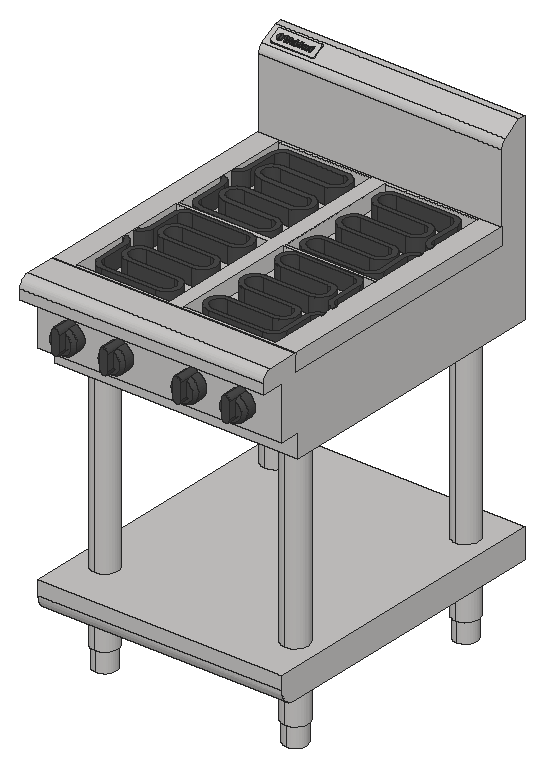
Revit family "QF_MOFFAT WALDORF_RN8400E-LS", category Specialty Equipment, Revit 2012 (continued)
Definition of nested family "WALDORF LOGO"
  Forms (mm)
    Extrusion 2, solid, material "QF_Finishes_Black", visible <- "Show Logo"
      sketch origin (0, -15.961, 9.072) x (1, 0, 0) y (0, 0.863373, 0.504566)
        loop
          line (81.255, 19.813) -> (81.255, 10.301) -> (84.834, 10.301) -> (84.834, 14.176)
          arc (84.834, 14.176) -> (85.854, 16.093) -> (88.013, 16.32) r 2.313
          line (88.013, 16.32) -> (88.013, 19.813) -> (87.161, 19.813)
          arc (87.161, 19.813) -> (85.526, 19.266) -> (84.549, 17.844) r 2.717
          line (84.549, 17.844) -> (84.549, 19.813) -> (81.255, 19.813)
        loop
          line (90.249, 19.813) -> (88.91, 19.813) -> (88.91, 17.614) -> (90.249, 17.614) -> (90.249, 10.301) -> (93.998, 10.301) -> (93.998, 17.614) -> (95.418, 17.614) -> (95.418, 19.813) -> (93.998, 19.813)
          arc (93.998, 19.813) -> (94.414, 20.817) -> (95.418, 21.233) r 1.42
          line (95.418, 21.233) -> (95.418, 23.602) -> (93.317, 23.602)
          arc (93.317, 23.602) -> (91.343, 22.903) -> (90.249, 21.118) r 3.137
          line (90.249, 21.118) -> (90.249, 19.813)
        loop
          arc (15.241, 23.571) -> (8.392, 16.525) -> (15.241, 9.479) r 7.049
          line (15.241, 9.479) -> (15.241, 23.571)
        loop
          line (15.641, 23.571) -> (15.641, 9.479)
          arc (15.641, 9.479) -> (22.49, 16.525) -> (15.641, 23.571) r 7.049
        loop
          arc (47.922, 14.711) -> (46.266, 13.749) -> (47.922, 12.787) r 1.107
          line (47.922, 12.787) -> (47.922, 14.711)
      from 0 to 0.2
  Dimensions and locks
    equal spacing: plane 3 "LEFT", plane 7 "Center Y", plane 4 "RIGHT"
    plane 3 "LEFT" to plane 4 "RIGHT" = 109 mm
    equal spacing: plane 5 "FRONT", plane 8 "Center X", plane 1 "BACK"
    plane 5 "FRONT" to plane 1 "BACK" = 1.588 mm
    aligned and locked: level to plane 2
  Automatic sketch dimensions
    Extrusion 1 sketch curve to plane 3 "LEFT" = 0 mm
    Extrusion 1 sketch curve to plane 4 "RIGHT" = 0 mm
    plane 3 "LEFT" to Extrusion 1 sketch curve = 5 mm  (x2)
    plane 4 "RIGHT" to Extrusion 1 sketch curve = 5 mm  (x2)
    Extrusion 1 sketch curve to Extrusion 1 sketch curve = 24.14 mm
    Extrusion 2 sketch curve to Extrusion 2 sketch curve = 0 mm  (x14)
    Extrusion 2 sketch curve to Extrusion 1 = 15.241 mm
    Extrusion 2 sketch curve to Extrusion 2 sketch curve = 0.2 mm
    Extrusion 2 sketch curve to Extrusion 2 sketch curve = 0.4 mm
    Extrusion 2 sketch curve to Extrusion 2 sketch curve = 9.131 mm
    Extrusion 2 sketch curve to Extrusion 1 = 10.301 mm  (x2)
    Extrusion 2 sketch curve to Extrusion 2 sketch curve = 12.351 mm
    Extrusion 2 sketch curve to Extrusion 2 sketch curve = 3.628 mm
    Extrusion 2 sketch curve to Extrusion 2 sketch curve = 2.084 mm
    Extrusion 2 sketch curve to Extrusion 2 sketch curve = 3.559 mm
    Extrusion 2 sketch curve to Extrusion 1 = 10.926 mm  (x2)
    Extrusion 2 sketch curve to Extrusion 2 sketch curve = 3.352 mm  (x2)
    Extrusion 2 sketch curve to Extrusion 2 sketch curve = 3.367 mm
    Extrusion 2 sketch curve to Extrusion 2 sketch curve = 3.249 mm
    Extrusion 2 sketch curve to Extrusion 2 sketch curve = 3.654 mm
    Extrusion 2 sketch curve to Extrusion 1 = 15.33 mm
    Extrusion 2 sketch curve to Extrusion 2 sketch curve = 3.233 mm
    Extrusion 2 sketch curve to Extrusion 2 sketch curve = 4.128 mm
    Extrusion 2 sketch curve to Extrusion 2 sketch curve = 3.725 mm
    Extrusion 2 sketch curve to Extrusion 2 sketch curve = 5.596 mm
    Extrusion 2 sketch curve to Extrusion 2 sketch curve = 4.333 mm
    Extrusion 2 sketch curve to Extrusion 2 sketch curve = 1.394 mm
    Extrusion 2 sketch curve to Extrusion 2 sketch curve = 2.092 mm
    Extrusion 2 sketch curve to Extrusion 2 sketch curve = 0.936 mm
    Extrusion 2 sketch curve to Extrusion 2 sketch curve = 1.34 mm
    Extrusion 2 sketch curve to Extrusion 2 sketch curve = 1.109 mm
    Extrusion 2 sketch curve to Extrusion 2 sketch curve = 0.232 mm
    Extrusion 2 sketch curve to Extrusion 2 sketch curve = 2.731 mm
    Extrusion 2 sketch curve to Extrusion 2 sketch curve = 0.549 mm  (x2)
    Extrusion 2 sketch curve to Extrusion 2 sketch curve = 0.407 mm
    Extrusion 2 sketch curve to Extrusion 2 sketch curve = 0.76 mm
    Extrusion 2 sketch curve to Extrusion 2 sketch curve = 1.334 mm
    Extrusion 2 sketch curve to Extrusion 2 sketch curve = 4.219 mm
    Extrusion 2 sketch curve to Extrusion 2 sketch curve = 5.142 mm
    Extrusion 2 sketch curve to Extrusion 2 sketch curve = 0.803 mm
    Extrusion 2 sketch curve to Extrusion 2 sketch curve = 1.558 mm
    Extrusion 2 sketch curve to Extrusion 2 sketch curve = 3.504 mm
    Extrusion 2 sketch curve to Extrusion 2 sketch curve = 6.245 mm
    Extrusion 2 sketch curve to Extrusion 2 sketch curve = 6.632 mm
    Extrusion 2 sketch curve to Extrusion 2 sketch curve = 3.294 mm
    Extrusion 2 sketch curve to Extrusion 2 sketch curve = 3.579 mm
    Extrusion 2 sketch curve to Extrusion 2 sketch curve = 2.313 mm
    Extrusion 2 sketch curve to Extrusion 2 sketch curve = 2.612 mm
    Extrusion 2 sketch curve to Extrusion 2 sketch curve = 0.852 mm
    Extrusion 2 sketch curve to Extrusion 2 sketch curve = 0.897 mm
    Extrusion 2 sketch curve to Extrusion 2 sketch curve = 3.102 mm
    Extrusion 2 sketch curve to Extrusion 2 sketch curve = 1.338 mm
    Extrusion 2 sketch curve to Extrusion 2 sketch curve = 3.068 mm
    Extrusion 2 sketch curve to Extrusion 2 sketch curve = 0.681 mm
    Extrusion 2 sketch curve to Extrusion 2 sketch curve = 3.749 mm
    Extrusion 2 sketch curve to Extrusion 2 sketch curve = 1.42 mm
    Extrusion 2 sketch curve to Extrusion 2 sketch curve = 5.029 mm  (x2)
    Extrusion 2 sketch curve to Extrusion 1 = 9.479 mm
    Extrusion 2 sketch curve to Extrusion 2 sketch curve = 3.681 mm
    Extrusion 2 sketch curve to Extrusion 2 sketch curve = 0.515 mm
    Extrusion 2 sketch curve to Extrusion 2 sketch curve = 0.804 mm
    Extrusion 2 sketch curve to Extrusion 2 sketch curve = 1.062 mm
    Extrusion 2 sketch curve to Extrusion 2 sketch curve = 1.682 mm
    Extrusion 2 sketch curve to Extrusion 2 sketch curve = 2.508 mm
    Extrusion 2 sketch curve to Extrusion 2 sketch curve = 0.962 mm
    Extrusion 2 sketch curve to Extrusion 2 sketch curve = 2.528 mm
    Extrusion 2 sketch curve to Extrusion 2 sketch curve = 3.875 mm
    Extrusion 2 sketch curve to Extrusion 2 sketch curve = 1.096 mm
    Extrusion 2 sketch curve to Extrusion 2 sketch curve = 0.123 mm
    Extrusion 2 sketch curve to Extrusion 2 sketch curve = 4.922 mm
    Extrusion 2 sketch curve to Extrusion 2 sketch curve = 7.046 mm
    Extrusion 2 sketch curve to Extrusion 2 sketch curve = 0.833 mm
    Extrusion 2 sketch curve to Extrusion 2 sketch curve = 0.776 mm
    Extrusion 2 sketch curve to Extrusion 2 sketch curve = 2.034 mm
    Extrusion 2 sketch curve to Extrusion 2 sketch curve = 7.314 mm
    Extrusion 2 sketch curve to Extrusion 2 sketch curve = 1.295 mm
    Extrusion 2 sketch curve to Extrusion 2 sketch curve = 0.749 mm
    Extrusion 2 sketch curve to Extrusion 2 sketch curve = 2.633 mm
    Extrusion 2 sketch curve to Extrusion 2 sketch curve = 2.198 mm  (x2)
    Extrusion 2 sketch curve to Extrusion 2 sketch curve = 1.968 mm
    Extrusion 2 sketch curve to Extrusion 2 sketch curve = 0.653 mm
    Extrusion 2 sketch curve to Extrusion 2 sketch curve = 1.305 mm
    Extrusion 2 sketch curve to Extrusion 2 sketch curve = 4.357 mm
    Extrusion 2 sketch curve to Extrusion 2 sketch curve = 6.159 mm
    radius of Extrusion 2 sketch curve = 5 mm
Definition of nested family "RN8400E-LS-CASTERS"
  Parameters (values of type "BTL8450-CB-CASTERS")
    Weight = ""
    URL Manufacturer = ""
    URL Cutsheet = ""
    URL = ""
    Type Mark [instance] = ""
    Status [instance] = ""
    Specification by User [instance] = ""
    Specification by Manufacturer = ""
    Show Casters [instance] = no
    Serial Number = ""
    Seismic Rating = ""
    SMACNA No = ""
    Revision Code [instance] = ""
    Omniclass Number and Title = ""
    NAFEM Spec ID Number = ""
    Model = ""
    MasterSpec. = ""
    Manufacturer = ""
    Item Number [instance] = ""
    Installed By [instance] = ""
    Identify Quantity as Lot [instance] = yes
    Furnished By [instance] = ""
    Foodservice Equipment Identifier [instance] = yes
    Description = ""
    CSI MasterFormat = ""
    CSI Master Format = ""
    Assembly Code = ""
  Reference planes
    plane 1: z = 0
    plane 2 "RIGHT": x = 0
    plane 3 "FRONT": y = 0
    plane 4 "TOP": z = 177.8
  Forms (mm)
    Revolve 1, solid, material "QF_Finishes_Stainless Steel", visible <- "Show Casters"
      sketch origin (0, 56.335, 0) x (0, 1, 0) y (0, 0, 1)
        loop
          line (-56.335, 152.4) -> (-56.335, 141.118) -> (-23.798, 141.118) -> (-23.798, 152.4) -> (-56.335, 152.4)
        axis (-56.335, 141.118) -> (-56.335, 152.4)
      angle from 0 to 360
    Extrusion 2, solid, material "QF_Finishes_Stainless Steel", visible <- "Show Casters"
      sketch origin (-46.049, 56.335, 0) x (0, 1, 0) y (0, 0, 1)
        loop
          line (-85.799, 141.118) -> (-85.799, 133.498) -> (-82.136, 133.498)
          arc (-82.136, 133.498) -> (-79.344, 132.328) -> (-77.146, 130.248) r 8.432
          line (-77.146, 130.248) -> (-39.502, 49.52)
          arc (-39.502, 49.52) -> (-13.784, 46.107) -> (-5.673, 70.75) r 20.32
          arc (-5.673, 70.75) -> (-7.065, 73.611) -> (-8.887, 76.22) r 20.32
          arc (-8.887, 76.22) -> (-9.399, 85.377) -> (-6.626, 94.119) r 25.4
          line (-6.626, 94.119) -> (8.003, 121.632)
          arc (8.003, 121.632) -> (-2.347, 126.31) -> (-13.34, 129.167) r 66.802
          line (-13.34, 129.167) -> (-13.765, 133.498) -> (-26.871, 133.498) -> (-26.871, 141.118) -> (-85.799, 141.118)
      from 20.058 to 22.923
    Extrusion 3, solid, material "QF_Finishes_Stainless Steel", visible <- "Show Casters"
      sketch origin (3.326, 56.335, 0) x (0, 1, 0) y (0, 0, 1)
        loop
          line (-85.799, 141.118) -> (-85.799, 133.498) -> (-82.136, 133.498)
          arc (-82.136, 133.498) -> (-79.344, 132.328) -> (-77.146, 130.248) r 8.432
          line (-77.146, 130.248) -> (-39.502, 49.52)
          arc (-39.502, 49.52) -> (-13.784, 46.107) -> (-5.673, 70.75) r 20.32
          arc (-5.673, 70.75) -> (-7.065, 73.611) -> (-8.887, 76.22) r 20.32
          arc (-8.887, 76.22) -> (-9.399, 85.377) -> (-6.626, 94.119) r 25.4
          line (-6.626, 94.119) -> (8.003, 121.632)
          arc (8.003, 121.632) -> (-2.347, 126.31) -> (-13.34, 129.167) r 66.802
          line (-13.34, 129.167) -> (-13.765, 133.498) -> (-26.871, 133.498) -> (-26.871, 141.118) -> (-85.799, 141.118)
      from 20.058 to 22.923
    Extrusion 4, solid, material "QF_Finishes_Stainless Steel", visible <- "Show Casters"
      sketch origin (-49.224, 56.335, 0) x (0, 1, 0) y (0, 0, 1)
        loop
          line (-85.799, 141.118) -> (-85.799, 133.498) -> (-82.136, 133.498) -> (-18.877, 127.964) -> (7.14, 120.01) -> (8.003, 121.632)
          arc (8.003, 121.632) -> (-2.347, 126.31) -> (-13.34, 129.167) r 66.802
          line (-13.34, 129.167) -> (-13.765, 133.498) -> (-26.871, 133.498) -> (-26.871, 141.118) -> (-85.799, 141.118)
      from 26.098 to 72.56
    Revolve 5, solid, material "QF_Finishes_Stainless Steel", visible <- "Show Casters"
      sketch origin (-49.224, 30.821, 0) x (1, 0, 0) y (0, 0, 1)
        loop
          line (14.841, 63.604) -> (83.584, 63.604) -> (83.584, 67.109) -> (82.314, 68.379) -> (80.79, 68.379) -> (80.79, 71.826) -> (68.644, 71.826) -> (68.644, 81.79) -> (65.088, 83.843) -> (61.683, 104.879) -> (65.881, 104.879) -> (65.881, 111.229) -> (65.088, 111.229) -> (65.088, 117.579)
          arc (65.088, 117.579) -> (62.298, 124.314) -> (55.563, 127.104) r 9.525
          line (55.563, 127.104) -> (42.863, 127.104)
          arc (42.863, 127.104) -> (36.127, 124.314) -> (33.338, 117.579) r 9.525
          line (33.338, 117.579) -> (33.338, 111.229) -> (32.544, 111.229) -> (32.544, 104.879) -> (36.742, 104.879) -> (33.352, 83.932) -> (29.782, 81.871) -> (29.782, 71.826) -> (17.635, 71.826) -> (17.635, 68.379) -> (16.111, 68.379) -> (14.841, 67.109) -> (14.841, 63.604)
        axis (14.841, 63.604) -> (83.584, 63.604)
      angle from 0 to 360
  Cuts and joins
    joined: Extrusion 2, Extrusion 3, Extrusion 4
  Lines and regions (mm)
    symbolic lines, style "SpecialityEquipmentHiddenLines", visible <- "Show Casters"
      curve 1: line (18.009, 67.053, 0) -> (45.595, 51.127, 0)
      curve 2: line (-45.491, -42.932, 0) -> (18.009, 67.053, 0)
      curve 3: line (-17.905, -58.859, 0) -> (-45.491, -42.932, 0)
      curve 4: line (45.595, 51.127, 0) -> (-17.905, -58.859, 0)
  Dimensions and locks
    plane 4 "TOP" to level = 177.8 mm  (x2)
    Revolve 5 sketch curve to Revolve 5 sketch curve = 63.5 mm
    aligned and locked: level to plane 1
